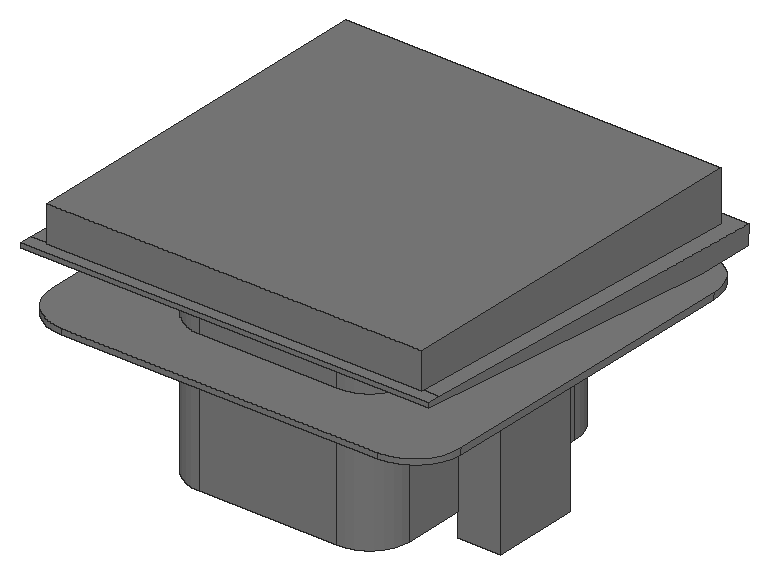
Revit family "Gira_126200", category Electrical Fixtures, host Face, Revit 2017
Family settings
  Host = Face
  Maintain Annotation Orientation = Yes
  Round Connector Dimension = Use Diameter
  Part Type = Normal
  Cut with Voids When Loaded = No
  Shared = No
  Room Calculation Point = No
Parameters (values of type "Ruftaster 1f Türstation Gira TX_44 (WG UP)")
  Werkstoff = "sonstige"
  URL = "http://katalog.gira.de/de_DE/datenblatt.html?artikelnr=126200"
  Region = "DE"
  Name = "Ruftaster 1f Türstation Gira TX_44 (WG UP)"
  Manufacturer URL = "https://www.gira.de/"
  Keynote = "TX44_Komplettgerät_Schalten und Tasten"
  HeinzeBIM = "https://bimportal.heinze.de/bim/ruftaster-1f-tuerstation-gira-tx-44-wg-up-/1f3cb5c28f39349994fee78ce8bc4f383a46ae68"
  HAN = "126200"
  Geeignet für = "Außenstation"
  GTIN = "4010337262008"
  Default Elevation = 1219.2 mm
  Data sheet (1) = "https://katalog.gira.de/de_DE/download.html?artikelnr=126200"
  Category = "Montagezubehör für Türkommunikation"
  Available = "Yes"
Reference planes
  plane 1 "Center (Front/Back)": y = 0
  plane 2 "Reference Level 0": z = 0
  plane 3 "Center (Left/Right)": x = 0
  plane 4: z = -28.6
Forms (mm)
  Extrusion 1, solid, material "Default", detail levels fine
    sketch origin (0, 0, 0) x (1, 0, 0) y (0, 1, 0)
      loop
        line (-32.604, 32.5) -> (-32.604, -32.5) -> (32.735, -32.5) -> (32.735, 32.5) -> (-32.604, 32.5)
    from 0 to 12.3
  Extrusion 2, solid, material "Default", detail levels fine
    sketch origin (0, 0, 0) x (0, 1, 0) y (0, 0, 1)
      loop
        line (35, 3.483) -> (-32.2, 6) -> (-34.55, 6) -> (-34.536, 5.199) -> (24.886, 0) -> (34.939, 0) -> (35, 3.483)
    from -35.5 to 35.5
  Extrusion 3, void
    sketch origin (0, 0, 0) x (0, 1, 0) y (0, 0, 1)
      loop
        line (42.419, 3.205) -> (-32.2, 6) -> (-42.193, 6) -> (-42.193, -11.826) -> (42.419, -11.826) -> (42.419, 3.205)
    from -64.194 to 61.264
  Extrusion 4, solid, material "Default", detail levels fine
    sketch origin (0, 0, 0) x (1, 0, 0) y (0, 1, 0)
      loop
        arc (35.5, 27.5) -> (33.157, 33.157) -> (27.5, 35.5) r 8
        line (27.5, 35.5) -> (-27.5, 35.5)
        arc (-27.5, 35.5) -> (-33.157, 33.157) -> (-35.5, 27.5) r 8
        line (-35.5, 27.5) -> (-35.5, -27.5)
        arc (-35.5, -27.5) -> (-33.157, -33.157) -> (-27.5, -35.5) r 8
        line (-27.5, -35.5) -> (27.5, -35.5)
        arc (27.5, -35.5) -> (33.157, -33.157) -> (35.5, -27.5) r 8
        line (35.5, -27.5) -> (35.5, 27.5)
    from -4.1 to -5.1
  Extrusion 5, solid, material "Default", detail levels fine
    sketch origin (0, 0, 0) x (1, 0, 0) y (0, 1, 0)
      loop
        arc (-12, 25) -> (-16.95, 22.95) -> (-19, 18) r 7
        line (-19, 18) -> (-19, -18)
        arc (-19, -18) -> (-16.95, -22.95) -> (-12, -25) r 7
        line (-12, -25) -> (12, -25)
        arc (12, -25) -> (16.95, -22.95) -> (19, -18) r 7
        line (19, -18) -> (19, 18)
        arc (19, 18) -> (16.95, 22.95) -> (12, 25) r 7
        line (12, 25) -> (-12, 25)
    from 4.692 to -28.6
  Extrusion 6, solid, material "Default", detail levels fine
    sketch origin (0, 0, 0) x (1, 0, 0) y (0, 1, 0)
      loop
        line (-26.5, -7.5) -> (-19, -7.5) -> (-19, 7.5) -> (-26.5, 7.5) -> (-26.5, -7.5)
    from -5.1 to -32.6
  Extrusion 7, solid, material "Default", detail levels fine
    sketch origin (0, 0, 0) x (-1, 0, 0) y (0, -1, 0)
      loop
        line (-26.5, 7.5) -> (-26.5, -7.5) -> (-19, -7.5) -> (-19, 7.5) -> (-26.5, 7.5)
    from -5.1 to -32.6
  Extrusion 8, solid, material "Default", detail levels medium
    sketch origin (0, 0, 0) x (1, 0, 0) y (0, 1, 0)
      loop
        line (-32.604, 32.5) -> (-32.604, -32.5) -> (32.735, -32.5) -> (32.735, 32.5) -> (-32.604, 32.5)
    from 0 to 12.3
  Extrusion 9, solid, material "Default", detail levels medium
    sketch origin (0, 0, 0) x (0, 1, 0) y (0, 0, 1)
      loop
        line (35, 3.483) -> (-32.2, 6) -> (-34.55, 6) -> (-34.445, 0) -> (34.939, 0) -> (35, 3.483)
    from -35.5 to 35.5
  Extrusion 10, solid, material "Default", detail levels medium
    sketch origin (0, 0, 0) x (1, 0, 0) y (0, 1, 0)
      loop
        line (-26.5, 25) -> (-26.5, -25) -> (26.5, -25) -> (26.5, 25) -> (-26.5, 25)
    from 4.692 to -32.6
  Extrusion 11, solid, material "Default", detail levels medium
    sketch origin (0, 0, 0) x (1, 0, 0) y (0, 1, 0)
      loop
        line (35.5, 35.5) -> (-35.5, 35.5) -> (-35.5, -35.5) -> (35.5, -35.5) -> (35.5, 35.5)
    from -4.1 to -5.1
  Extrusion 12, solid, material "Default", detail levels coarse
    sketch origin (0, 0, 0) x (1, 0, 0) y (0, 1, 0)
      loop
        line (35.5, 35.5) -> (-35.5, 35.5) -> (-35.5, -35.5) -> (35.5, -35.5) -> (35.5, 35.5)
    from -32.6 to 12.3
Cuts and joins
  Extrusion 3 cuts Extrusion 1
  joined: Extrusion 1, Extrusion 2, Extrusion 4, Extrusion 5, Extrusion 6, Extrusion 7
Dimensions and locks
  Extrusion 12 to Extrusion 12 = 44.9 mm
  aligned and locked: plane 2 "Reference Level 0" to host face
  aligned and locked: level to host face
  aligned and locked: plane 3 "Center (Left/Right)" to nested 1
  aligned and locked: plane 1 "Center (Front/Back)" to nested 1
Nested families
  nested 1: "Schalter" at (0, 0, 0), type "Schalter"
Connectors
  electrical at (0, 0, -32.6)
    settings: on Extrusion 12, index 1, voltage 220 V, apparent load 0 VA, apparent load phase1 0 VA, apparent load phase2 0 VA, apparent load phase3 0 VA, power factor 1, load classification "Other", number of poles 1, system type 30, power factor state 1, is connector primary yes, connector utility no, sub classification motor no, connector description ""
Definition of nested family "Schalter"
  Reference planes
    plane 1: y = 0
    plane 2: x = 0
  Lines and regions (mm)
    detail lines
      curve 1: circle (1.375, 2.778, 0) r 0.8 normal (0, 0, 1)
      curve 2: line (1.021, 2.061, 0) -> (0, 0, 0)
      curve 3: line (0, 0, 0) -> (-0.538, 0.266, 0)
  Dimensions and locks
    curve 2 to curve 2 = 2.3 mm
    curve 3 to curve 2 = 0.6 mm
    radius of curve 1 = 0.8 mm
